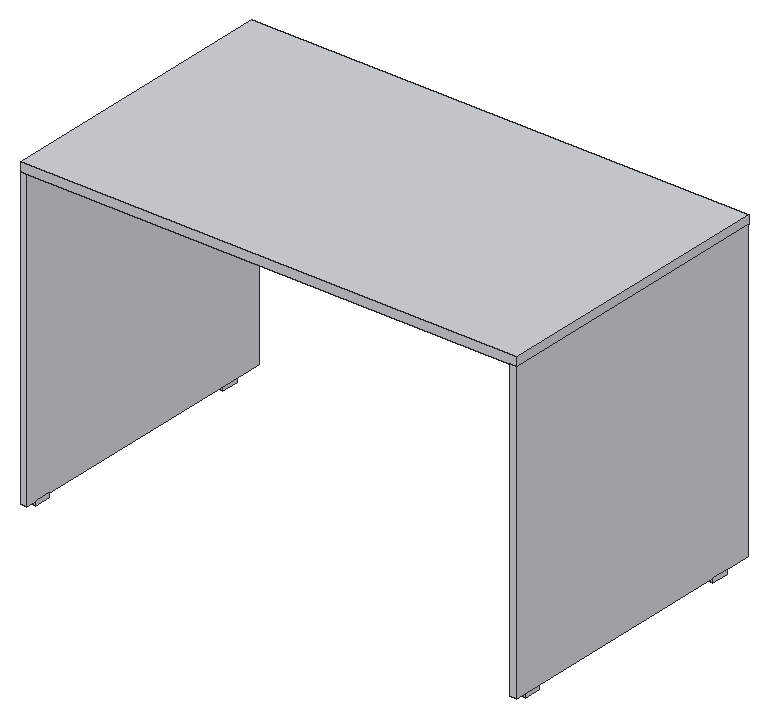
Revit family "Стол медицинский без тумбы Меделия", category Оборудование, Revit 2017
Family settings
  Размер круглого соединителя = Использовать диаметр
  Тип детали = Нормальный
  На основе рабочей плоскости = Нет
  Всегда вертикально = Да
  При загрузке вырезать с полостями = Нет
  Общий = Нет
  Точка расчета площади = Нет
Parameters (values of type "1200х700")
  Общ_Ширина = 1200.0 mm
  Общ_Тип, марка = "Мл-СРп-120/70"
  Общ_Примечание КР [instance] = ""
  Общ_Примечание АР [instance] = ""
  Общ_Примечание = ""
  Общ_Поставщик = "Меделия"
  Общ_Позиция = ""
  Общ_Наименование = "Стол медицинский рабочий ЛДСП"
  Общ_Масса = ""
  Общ_Код продукции = ""
  Общ_Единицы измерения = "шт."
  Общ_Глубина = 700.0 mm
  Общ_Высота = 750.0 mm
  Keynote = ""
  Model = ""
Types (4, lengths in mm): name | Общ_Ширина | Общ_Тип, марка | Общ_Глубина
  1200х600 | 1200.0 | "Мл-СРп-120/60" | 600.0
  1200х700 | 1200.0 | "Мл-СРп-120/70" | 700.0
  1500х600 | 1500.0 | "Мл-СРп-150/60" | 600.0
  1500х700 | 1500.0 | "Мл-СРп-150/70" | 700.0
Reference planes
  plane 1 "По центру (Вперед/Назад)": y = 0
  plane 2: z = 0
  plane 3 "По центру (Влево/Вправо)": x = 0
  plane 4: y = 350
  plane 5: y = -350
  plane 6: x = -600
  plane 7: x = 600
Forms (mm)
  Extrusion 1, solid, detail levels fine
    sketch origin (0, 0, 0) x (1, 0, 0) y (0, 1, 0)
      loop
        line (-600, 350) -> (-600, -350) -> (-584, -350) -> (-584, 350) -> (-600, 350)
      loop
        line (600, 350) -> (584, 350) -> (584, -350) -> (600, -350) -> (600, 350)
    from 10 to 728
  Extrusion 2, solid, detail levels fine
    sketch origin (0, 0, 0) x (1, 0, 0) y (0, 1, 0)
      loop
        line (-600, 350) -> (-600, -350) -> (600, -350) -> (600, 350) -> (-600, 350)
    from 750 to 728
  Extrusion 3, solid, detail levels fine
    sketch origin (0, 0, 0) x (1, 0, 0) y (0, 1, 0)
      loop
        line (-584, 350) -> (-584, 334) -> (584, 334) -> (584, 350) -> (-584, 350)
    from 350 to 728
  Extrusion 4, solid, detail levels fine
    sketch origin (0, 0, 0) x (1, 0, 0) y (0, 1, 0)
      loop
        line (-600, -323.761) -> (-584, -323.761) -> (-584, -282.82) -> (-600, -282.82) -> (-600, -323.761)
      loop
        line (-600, 283.761) -> (-600, 242.82) -> (-584, 242.82) -> (-584, 283.761) -> (-600, 283.761)
      loop
        line (600, -323.761) -> (600, -282.82) -> (584, -282.82) -> (584, -323.761) -> (600, -323.761)
      loop
        line (600, 283.761) -> (584, 283.761) -> (584, 242.82) -> (600, 242.82) -> (600, 283.761)
    from 0 to 10
Lines and regions (mm)
  symbolic lines, detail levels coarse+medium
    curve 1: line (-600, 350, 0) -> (600, 350, 0)
    curve 2: line (-600, -350, 0) -> (-600, 350, 0)
    curve 3: line (600, -350, 0) -> (-600, -350, 0)
    curve 4: line (600, 350, 0) -> (600, -350, 0)
    curve 5: line (-600, -350, 0) -> (600, 350, 0)
    curve 6: line (-20, -350, 0) -> (0, -295.05, 0)
    curve 7: line (20, -350, 0) -> (0, -295.05, 0)
Dimensions and locks
  "Общ_Ширина": plane 6 to plane 7
  equal spacing: plane 6, plane 3 "По центру (Влево/Вправо)", plane 7
  "Общ_Глубина": plane 4 to plane 5
  equal spacing: plane 4, plane 1 "По центру (Вперед/Назад)", plane 5
  aligned and locked: level to plane 2
  aligned and locked: plane 6 to Extrusion 2 sketch curve
  aligned and locked: Extrusion 2 sketch curve to plane 4
  aligned and locked: plane 7 to Extrusion 2 sketch curve
  aligned and locked: Extrusion 2 sketch curve to plane 5
Automatic sketch dimensions
  Extrusion 1 sketch curve to plane 4 = 0.0 mm  (x2)
  Extrusion 1 sketch curve to plane 6 = 0.0 mm
  plane 5 to Extrusion 1 sketch curve = 0.0 mm  (x2)
  Extrusion 1 sketch curve to plane 7 = 0.0 mm
  Extrusion 1 sketch curve to Extrusion 1 sketch curve = 16.0 mm  (x2)
  Extrusion 3 sketch curve to plane 4 = 0.0 mm
  plane 6 to Extrusion 3 sketch curve = 16.0 mm
  plane 7 to Extrusion 3 sketch curve = 16.0 mm
  Extrusion 3 sketch curve to Extrusion 3 sketch curve = 16.0 mm
  Extrusion 4 sketch curve to plane 6 = 0.0 mm  (x2)
  Extrusion 4 sketch curve to plane 7 = 0.0 mm  (x2)
  plane 6 to Extrusion 4 sketch curve = 16.0 mm
  Extrusion 4 sketch curve to Extrusion 4 sketch curve = 16.0 mm  (x2)
  plane 7 to Extrusion 4 sketch curve = 16.0 mm
  Extrusion 4 sketch curve to plane 5 = 26.239 mm  (x2)
  Extrusion 4 sketch curve to Extrusion 4 sketch curve = 40.942 mm  (x2)
  Extrusion 4 sketch curve to plane 4 = 107.18 mm  (x2)
  Extrusion 4 sketch curve to plane 4 = 66.239 mm  (x2)
  plane 5 to curve 5 = 0.0 mm
  curve 5 to plane 6 = 0.0 mm
  curve 6 to plane 3 "По центру (Влево/Вправо)" = 0.0 mm
  curve 3 to plane 7 = 0.0 mm
  curve 4 to plane 4 = 0.0 mm
  curve 7 to plane 5 = 54.95 mm
  curve 6 to plane 3 "По центру (Влево/Вправо)" = 20.0 mm
  plane 3 "По центру (Влево/Вправо)" to curve 7 = 20.0 mm
